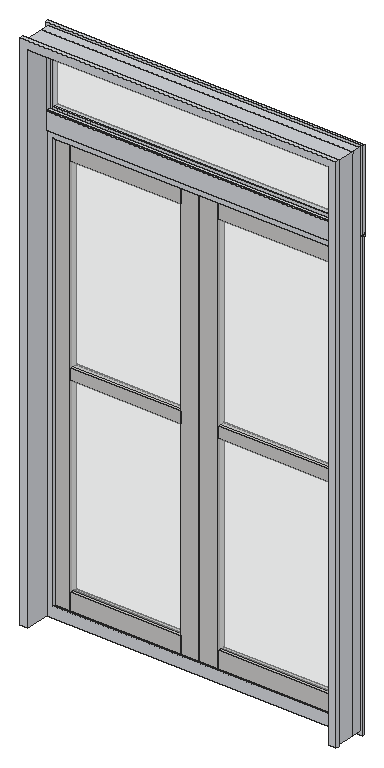
Revit family "APL Residential Thermal Heart French Door with Overlight Open Out", category Doors, host Wall, Revit 2017 (continued)
Definition of nested family "APL Residential Thermal Heart French Door with Overlight Open Out Vertical Section"
  Definition of nested family "Open Out Head&Sill"
    Definition of nested family "65200_Rail"
      Lines and regions (mm)
        model lines, in view "Ref. Level"
          curve 120: arc (44.116, 15.102, 0) -> (44.482, 15.579, 0) -> (45.055, 15.76, 0) r 1
          curve 121: arc (45.978, 15.76, 0) -> (46.289, 15.801, 0) -> (46.579, 15.921, 0) r 1.2
          curve 122: arc (48.107, 16.806, 0) -> (48.204, 16.846, 0) -> (48.307, 16.86, 0) r 0.4
          curve 123: arc (48.6, 16.86, 0) -> (48.883, 16.743, 0) -> (49, 16.46, 0) r 0.4
          curve 124: arc (49, 13.06, 0) -> (48.883, 12.777, 0) -> (48.6, 12.66, 0) r 0.4
          curve 125: arc (48.307, 12.66, 0) -> (48.204, 12.674, 0) -> (48.107, 12.714, 0) r 0.4
          curve 126: arc (46.579, 13.599, 0) -> (46.285, 13.72, 0) -> (45.97, 13.76, 0) r 1.2
          curve 127: arc (45.97, 13.76, 0) -> (45.795, 13.707, 0) -> (45.684, 13.563, 0) r 0.3
          curve 128: arc (44.796, 11.123, 0) -> (44.649, 10.932, 0) -> (44.42, 10.86, 0) r 0.4
          curve 129: arc (34.98, 10.86, 0) -> (34.751, 10.932, 0) -> (34.604, 11.123, 0) r 0.4
          curve 130: arc (33.716, 13.563, 0) -> (33.605, 13.707, 0) -> (33.43, 13.76, 0) r 0.3
          curve 131: arc (33.43, 13.76, 0) -> (33.115, 13.72, 0) -> (32.821, 13.599, 0) r 1.2
          curve 132: arc (31.293, 12.714, 0) -> (31.196, 12.674, 0) -> (31.093, 12.66, 0) r 0.4
          curve 133: arc (30.8, 12.66, 0) -> (30.517, 12.777, 0) -> (30.4, 13.06, 0) r 0.4
          curve 134: line (30.8, 16.86, 0) -> (31.093, 16.86, 0)
          curve 135: line (31.293, 16.806, 0) -> (32.821, 15.921, 0)
          curve 136: line (33.422, 15.76, 0) -> (34.345, 15.76, 0)
          curve 137: line (35.284, 15.102, 0) -> (36.077, 12.923, 0)
          curve 138: line (36.453, 12.66, 0) -> (42.947, 12.66, 0)
          curve 139: line (43.323, 12.923, 0) -> (44.116, 15.102, 0)
          curve 140: line (45.055, 15.76, 0) -> (45.978, 15.76, 0)
          curve 141: line (46.579, 15.921, 0) -> (48.107, 16.806, 0)
          curve 142: line (48.307, 16.86, 0) -> (48.6, 16.86, 0)
          curve 143: line (49, 16.46, 0) -> (49, 13.06, 0)
          curve 144: line (48.6, 12.66, 0) -> (48.307, 12.66, 0)
          curve 145: line (48.107, 12.714, 0) -> (46.579, 13.599, 0)
          curve 146: line (45.684, 13.563, 0) -> (44.796, 11.123, 0)
          curve 147: line (44.42, 10.86, 0) -> (34.98, 10.86, 0)
          curve 148: line (34.604, 11.123, 0) -> (33.716, 13.563, 0)
          curve 149: line (32.821, 13.599, 0) -> (31.293, 12.714, 0)
          curve 150: line (31.093, 12.66, 0) -> (30.8, 12.66, 0)
          curve 151: line (30.4, 13.06, 0) -> (30.4, 16.46, 0)
          curve 152: arc (24.4, 72.4, 0) -> (24.517, 72.117, 0) -> (24.8, 72, 0) r 0.4
          curve 153: arc (25.093, 72, 0) -> (25.196, 72.014, 0) -> (25.293, 72.054, 0) r 0.4
          curve 154: arc (26.821, 72.939, 0) -> (27.111, 73.059, 0) -> (27.422, 73.1, 0) r 1.2
          curve 155: arc (28.345, 73.1, 0) -> (28.918, 73.281, 0) -> (29.284, 73.758, 0) r 1
          curve 156: arc (30.077, 75.937, 0) -> (30.224, 76.128, 0) -> (30.453, 76.2, 0) r 0.4
          curve 157: arc (36.947, 76.2, 0) -> (37.176, 76.128, 0) -> (37.323, 75.937, 0) r 0.4
          curve 158: arc (38.116, 73.758, 0) -> (38.482, 73.281, 0) -> (39.055, 73.1, 0) r 1
          curve 159: arc (39.978, 73.1, 0) -> (40.289, 73.059, 0) -> (40.579, 72.939, 0) r 1.2
          curve 160: arc (42.107, 72.054, 0) -> (42.204, 72.014, 0) -> (42.307, 72, 0) r 0.4
          curve 161: arc (42.6, 72, 0) -> (42.883, 72.117, 0) -> (43, 72.4, 0) r 0.4
          curve 162: arc (43, 75.8, 0) -> (42.883, 76.083, 0) -> (42.6, 76.2, 0) r 0.4
          curve 163: arc (42.307, 76.2, 0) -> (42.204, 76.186, 0) -> (42.107, 76.146, 0) r 0.4
          curve 164: arc (40.579, 75.261, 0) -> (40.285, 75.14, 0) -> (39.97, 75.1, 0) r 1.2
          curve 165: arc (39.97, 75.1, 0) -> (39.795, 75.153, 0) -> (39.684, 75.297, 0) r 0.3
          curve 166: arc (38.796, 77.737, 0) -> (38.649, 77.928, 0) -> (38.42, 78, 0) r 0.4
          curve 167: arc (28.98, 78, 0) -> (28.751, 77.928, 0) -> (28.604, 77.737, 0) r 0.4
          curve 168: arc (27.716, 75.297, 0) -> (27.605, 75.153, 0) -> (27.43, 75.1, 0) r 0.3
          curve 169: arc (27.43, 75.1, 0) -> (27.115, 75.14, 0) -> (26.821, 75.261, 0) r 1.2
          curve 170: arc (25.293, 76.146, 0) -> (25.196, 76.186, 0) -> (25.093, 76.2, 0) r 0.4
          curve 171: arc (24.8, 76.2, 0) -> (24.517, 76.083, 0) -> (24.4, 75.8, 0) r 0.4
          curve 172: line (24.8, 72, 0) -> (25.093, 72, 0)
          curve 173: line (25.293, 72.054, 0) -> (26.821, 72.939, 0)
          curve 174: line (27.422, 73.1, 0) -> (28.345, 73.1, 0)
          curve 175: line (29.284, 73.758, 0) -> (30.077, 75.937, 0)
          curve 176: line (30.453, 76.2, 0) -> (36.947, 76.2, 0)
          curve 177: line (37.323, 75.937, 0) -> (38.116, 73.758, 0)
          curve 178: line (39.055, 73.1, 0) -> (39.978, 73.1, 0)
          curve 179: line (40.579, 72.939, 0) -> (42.107, 72.054, 0)
          curve 180: line (42.307, 72, 0) -> (42.6, 72, 0)
          curve 181: line (43, 72.4, 0) -> (43, 75.8, 0)
          curve 182: line (42.6, 76.2, 0) -> (42.307, 76.2, 0)
          curve 183: line (42.107, 76.146, 0) -> (40.579, 75.261, 0)
          curve 184: line (39.684, 75.297, 0) -> (38.796, 77.737, 0)
          curve 185: line (38.42, 78, 0) -> (28.98, 78, 0)
          curve 186: line (28.604, 77.737, 0) -> (27.716, 75.297, 0)
          curve 187: line (26.821, 75.261, 0) -> (25.293, 76.146, 0)
          curve 188: line (25.093, 76.2, 0) -> (24.8, 76.2, 0)
          curve 189: line (24.4, 75.8, 0) -> (24.4, 72.4, 0)
          curve 190: arc (44.4, 69.6, 0) -> (44.754, 69.746, 0) -> (44.9, 70.1, 0) r 0.5
          curve 191: arc (44.9, 76.091, 0) -> (44.955, 76.318, 0) -> (45.108, 76.496, 0) r 0.5
          curve 192: arc (45.108, 76.496, 0) -> (45.336, 76.687, 0) -> (45.535, 76.908, 0) r 2.1
          curve 193: arc (45.535, 76.908, 0) -> (45.71, 77.049, 0) -> (45.929, 77.1, 0) r 0.5
          curve 194: arc (49, 77.1, 0) -> (49.354, 76.954, 0) -> (49.5, 76.6, 0) r 0.5
          curve 195: arc (49.5, 23.4, 0) -> (49.354, 23.046, 0) -> (49, 22.9, 0) r 0.5
          curve 196: arc (44.8, 22.9, 0) -> (44.659, 22.841, 0) -> (44.6, 22.7, 0) r 0.2
          curve 197: arc (44.6, 21.1, 0) -> (44.659, 20.959, 0) -> (44.8, 20.9, 0) r 0.2
          curve 198: arc (49.295, 20.9, 0) -> (49.436, 20.841, 0) -> (49.495, 20.7, 0) r 0.2
          curve 199: arc (49.495, 19.46, 0) -> (49.436, 19.319, 0) -> (49.295, 19.26, 0) r 0.2
          curve 200: arc (47.809, 19.26, 0) -> (47.674, 19.241, 0) -> (47.549, 19.187, 0) r 0.5
          curve 201: arc (46.979, 18.839, 0) -> (46.628, 18.475, 0) -> (46.5, 17.986, 0) r 1
          curve 202: arc (46.5, 16.41, 0) -> (46.628, 16.192, 0) -> (46.88, 16.197, 0) r 0.25
          curve 203: arc (46.966, 16.249, 0) -> (47.072, 16.381, 0) -> (47.069, 16.551, 0) r 0.25
          curve 204: arc (48.323, 17.316, 0) -> (48.398, 17.349, 0) -> (48.479, 17.36, 0) r 0.3
          curve 205: arc (49, 17.36, 0) -> (49.158, 17.282, 0) -> (49.194, 17.11, 0) r 0.2
          curve 206: arc (49, 13.107, 0) -> (49.026, 12.985, 0) -> (49.1, 12.884, 0) r 0.3
          curve 207: arc (49.1, 12.884, 0) -> (49.18, 12.553, 0) -> (48.9, 12.36, 0) r 0.3
          curve 208: arc (46.679, 12.903, 0) -> (46.59, 12.955, 0) -> (46.538, 13.044, 0) r 0.2
          curve 209: arc (46.493, 13.212, 0) -> (46.352, 13.353, 0) -> (46.159, 13.301, 0) r 0.2
          curve 210: arc (45.795, 12.938, 0) -> (45.735, 12.852, 0) -> (45.708, 12.752, 0) r 0.3
          curve 211: arc (45.501, 10.386, 0) -> (45.617, 10.122, 0) -> (45.903, 10.078, 0) r 0.3
          curve 212: arc (47.313, 10.592, 0) -> (47.439, 10.679, 0) -> (47.505, 10.817, 0) r 0.3
          curve 213: arc (47.505, 10.817, 0) -> (47.778, 11.059, 0) -> (48.083, 10.86, 0) r 0.3
          curve 214: arc (49.4, 10.86, 0) -> (49.754, 10.714, 0) -> (49.9, 10.36, 0) r 0.5
          curve 215: arc (49.9, 0.5, 0) -> (50.046, 0.146, 0) -> (50.4, 0, 0) r 0.5
          curve 216: arc (50.9, 0, 0) -> (51.254, 0.146, 0) -> (51.4, 0.5, 0) r 0.5
          curve 217: arc (51.4, 96.5, 0) -> (51.254, 96.854, 0) -> (50.9, 97, 0) r 0.5
          curve 218: arc (43, 97, 0) -> (42.646, 96.854, 0) -> (42.5, 96.5, 0) r 0.5
          curve 219: arc (42.5, 95.25, 0) -> (43, 94.75, 0) -> (43.5, 95.25, 0) r 0.5
          curve 220: arc (43.5, 95.8, 0) -> (43.559, 95.941, 0) -> (43.7, 96, 0) r 0.2
          curve 221: arc (44.8, 96, 0) -> (44.941, 95.941, 0) -> (45, 95.8, 0) r 0.2
          curve 222: arc (45, 90.7, 0) -> (44.941, 90.559, 0) -> (44.8, 90.5, 0) r 0.2
          curve 223: arc (43.7, 90.5, 0) -> (43.559, 90.559, 0) -> (43.5, 90.7, 0) r 0.2
          curve 224: arc (43.5, 91.25, 0) -> (43, 91.75, 0) -> (42.5, 91.25, 0) r 0.5
          curve 225: arc (42.5, 89.7, 0) -> (42.559, 89.559, 0) -> (42.7, 89.5, 0) r 0.2
          curve 226: arc (46.3, 89.5, 0) -> (46.441, 89.559, 0) -> (46.5, 89.7, 0) r 0.2
          curve 227: arc (46.5, 95, 0) -> (46.646, 95.354, 0) -> (47, 95.5, 0) r 0.5
          curve 228: arc (49, 95.5, 0) -> (49.354, 95.354, 0) -> (49.5, 95, 0) r 0.5
          curve 229: arc (49.5, 79.5, 0) -> (49.354, 79.146, 0) -> (49, 79, 0) r 0.5
          curve 230: arc (44.88, 79, 0) -> (44.739, 78.941, 0) -> (44.68, 78.8, 0) r 0.2
          curve 231: arc (44.68, 78.2, 0) -> (44.621, 78.059, 0) -> (44.48, 78, 0) r 0.2
          curve 232: arc (42.083, 78, 0) -> (41.778, 77.801, 0) -> (41.505, 78.043, 0) r 0.3
          curve 233: arc (41.505, 78.043, 0) -> (41.439, 78.181, 0) -> (41.313, 78.268, 0) r 0.3
          curve 234: arc (39.903, 78.782, 0) -> (39.617, 78.738, 0) -> (39.501, 78.474, 0) r 0.3
          curve 235: arc (39.708, 76.108, 0) -> (39.735, 76.008, 0) -> (39.795, 75.922, 0) r 0.3
          curve 236: arc (40.159, 75.559, 0) -> (40.352, 75.507, 0) -> (40.493, 75.648, 0) r 0.2
          curve 237: arc (40.538, 75.816, 0) -> (40.59, 75.905, 0) -> (40.679, 75.957, 0) r 0.2
          curve 238: arc (42.9, 76.5, 0) -> (43.18, 76.307, 0) -> (43.1, 75.976, 0) r 0.3
          curve 239: arc (43.1, 75.976, 0) -> (43.026, 75.875, 0) -> (43, 75.753, 0) r 0.3
          curve 240: arc (43.194, 71.75, 0) -> (43.158, 71.578, 0) -> (43, 71.5, 0) r 0.2
          curve 241: arc (42.479, 71.5, 0) -> (42.398, 71.511, 0) -> (42.323, 71.544, 0) r 0.3
          curve 242: arc (41.069, 72.309, 0) -> (41.072, 72.479, 0) -> (40.966, 72.611, 0) r 0.25
          curve 243: arc (40.88, 72.663, 0) -> (40.628, 72.668, 0) -> (40.5, 72.45, 0) r 0.25
          curve 244: arc (40.5, 70.874, 0) -> (40.628, 70.385, 0) -> (40.979, 70.021, 0) r 1
          curve 245: arc (41.549, 69.673, 0) -> (41.674, 69.619, 0) -> (41.809, 69.6, 0) r 0.5
          curve 246: line (44.9, 70.1, 0) -> (44.9, 76.091, 0)
          curve 247: line (45.929, 77.1, 0) -> (49, 77.1, 0)
          curve 248: line (49.5, 76.6, 0) -> (49.5, 23.4, 0)
          curve 249: line (49, 22.9, 0) -> (44.8, 22.9, 0)
          curve 250: line (44.6, 22.7, 0) -> (44.6, 21.1, 0)
          curve 251: line (44.8, 20.9, 0) -> (49.295, 20.9, 0)
          curve 252: line (49.495, 20.7, 0) -> (49.495, 19.46, 0)
          curve 253: line (49.295, 19.26, 0) -> (47.809, 19.26, 0)
          curve 254: line (47.549, 19.187, 0) -> (46.979, 18.839, 0)
          curve 255: line (46.5, 17.986, 0) -> (46.5, 16.41, 0)
          curve 256: line (47.069, 16.551, 0) -> (48.323, 17.316, 0)
          curve 257: line (48.323, 17.316, 0) -> (49, 17.36, 0)
          curve 258: line (49.194, 17.11, 0) -> (49.006, 16.385, 0)
          curve 259: line (49.006, 16.385, 0) -> (49, 13.107, 0)
          curve 260: line (48.746, 12.36, 0) -> (46.679, 12.903, 0)
          curve 261: line (46.679, 12.903, 0) -> (46.493, 13.212, 0)
          curve 262: line (46.159, 13.301, 0) -> (45.795, 12.938, 0)
          curve 263: line (45.708, 12.752, 0) -> (45.501, 10.386, 0)
          curve 264: line (45.903, 10.078, 0) -> (47.313, 10.592, 0)
          curve 265: line (48.083, 10.86, 0) -> (49.4, 10.86, 0)
          curve 266: line (49.9, 10.36, 0) -> (49.9, 0.5, 0)
          curve 267: line (50.4, 0, 0) -> (50.9, 0, 0)
          curve 268: line (51.4, 0.5, 0) -> (51.4, 96.5, 0)
          curve 269: line (43, 97, 0) -> (50.9, 97, 0)
          curve 270: line (50.9, 97, 0) -> (43, 97, 0)
          curve 271: line (42.5, 96.5, 0) -> (42.5, 95.25, 0)
          curve 272: line (43.5, 95.25, 0) -> (43.5, 95.8, 0)
          curve 273: line (43.7, 96, 0) -> (44.8, 96, 0)
          curve 274: line (45, 95.8, 0) -> (45, 90.7, 0)
          curve 275: line (44.8, 90.5, 0) -> (43.7, 90.5, 0)
          curve 276: line (43.5, 90.7, 0) -> (43.5, 91.25, 0)
          curve 277: line (42.5, 91.25, 0) -> (42.5, 89.7, 0)
          curve 278: line (42.7, 89.5, 0) -> (46.3, 89.5, 0)
          curve 279: line (46.5, 89.7, 0) -> (46.5, 95, 0)
          curve 280: line (47, 95.5, 0) -> (49, 95.5, 0)
          curve 281: line (49.5, 95, 0) -> (49.5, 79.5, 0)
          curve 282: line (49, 79, 0) -> (44.88, 79, 0)
          curve 283: line (44.68, 78.8, 0) -> (44.68, 78.2, 0)
          curve 284: line (44.48, 78, 0) -> (42.083, 78, 0)
          curve 285: line (41.313, 78.268, 0) -> (39.903, 78.782, 0)
          curve 286: line (39.501, 78.474, 0) -> (39.708, 76.108, 0)
          curve 287: line (39.795, 75.922, 0) -> (40.159, 75.559, 0)
          curve 288: line (40.493, 75.648, 0) -> (40.538, 75.816, 0)
          curve 289: line (40.538, 75.816, 0) -> (42.668, 76.49, 0)
          curve 290: line (42.668, 76.49, 0) -> (42.9, 76.5, 0)
          curve 291: line (43, 75.753, 0) -> (43, 72.525, 0)
          curve 292: line (43, 72.525, 0) -> (43.194, 71.75, 0)
          curve 293: line (43, 71.5, 0) -> (42.479, 71.5, 0)
          curve 294: line (42.479, 71.5, 0) -> (41.069, 72.309, 0)
          curve 295: line (40.5, 72.45, 0) -> (40.5, 70.874, 0)
          curve 296: line (40.979, 70.021, 0) -> (41.549, 69.673, 0)
          curve 297: line (41.809, 69.6, 0) -> (44.4, 69.6, 0)
      Text (mm)
        text "65200" at (8.462, 126.741, 0), in view "Ref. Level"
  Definition of nested family "Glazing Bead"
    Parameters (values of type "Glazing Bead")
      Glass Lenght [instance] = 50 mm
    Reference planes
      plane 1 "Center (Front/Back)": y = 0
      plane 2: z = 0
      plane 3 "Center (Left/Right)": x = 0
      plane 4: y = -50
    Lines and regions (mm)
      Filled region 1, type "Solid Fill - Black", in view "Ref. Level"
        outline origin (0, 0, 0) x (1, 0, 0) y (0, 1, 0)
          loop
            line (4, 0) -> (4, -12) -> (20, -12) -> (20, 0) -> (4, 0)
      model lines, in view "Ref. Level"
        curve 1: line (4, -12, 0) -> (20, -12, 0)
        curve 2: line (0, -50, 0) -> (0, 0, 0)
        curve 3: line (0, 0, 0) -> (24, 0, 0)
        curve 4: line (24, 0, 0) -> (24, -50, 0)
        curve 5: line (20, 0, 0) -> (20, -50, 0)
        curve 6: line (4, 0, 0) -> (4, -50, 0)
      detail lines, in view "Ref. Level"
        curve 7: arc (-0.25, -4.9, 0) -> (0, -5.15, 0) -> (-0.25, -5.4, 0) r 0.25
        curve 8: arc (-0.25, -8.45, 0) -> (0, -8.7, 0) -> (-0.25, -8.95, 0) r 0.25
        curve 9: arc (-0.25, -9.619, 0) -> (0, -9.869, 0) -> (-0.25, -10.119, 0) r 0.25
        curve 10: arc (-0.25, -10.787, 0) -> (0, -11.037, 0) -> (-0.25, -11.287, 0) r 0.25
        curve 11: line (-0.25, -12.456, 0) -> (-1, -12.456, 0)
        curve 12: line (-1, -12.456, 0) -> (-1, -8.45, 0)
        curve 13: line (-1, -8.45, 0) -> (-2.2, -8.45, 0)
        curve 14: line (-2.2, -8.45, 0) -> (-2.2, -9.2, 0)
        curve 15: line (-2.2, -9.2, 0) -> (-2.8, -9.2, 0)
        curve 16: line (-2.8, -9.2, 0) -> (-2.8, -6.1, 0)
        curve 17: line (-2.8, -6.1, 0) -> (-2.2, -6.1, 0)
        curve 18: line (-2.2, -6.1, 0) -> (-2.2, -6.85, 0)
        curve 19: line (-2.2, -6.85, 0) -> (-1, -6.85, 0)
        curve 20: line (-1, -6.85, 0) -> (-1, -4.9, 0)
        curve 21: line (-1, -4.9, 0) -> (-0.25, -4.9, 0)
        curve 22: line (-0.25, -5.4, 0) -> (-0.25, -8.45, 0)
        curve 23: line (-0.25, -8.95, 0) -> (-0.25, -9.619, 0)
        curve 24: line (-0.25, -10.119, 0) -> (-0.25, -10.787, 0)
        curve 25: line (-0.25, -11.287, 0) -> (-0.25, -11.956, 0)
        curve 26: arc (-0.25, -11.956, 0) -> (0, -12.206, 0) -> (-0.25, -12.456, 0) r 0.25
        curve 27: arc (-0.25, -4.9, 0) -> (0, -5.15, 0) -> (-0.25, -5.4, 0) r 0.25
        curve 28: arc (-0.25, -8.45, 0) -> (0, -8.7, 0) -> (-0.25, -8.95, 0) r 0.25
        curve 29: arc (-0.25, -9.619, 0) -> (0, -9.869, 0) -> (-0.25, -10.119, 0) r 0.25
        curve 30: arc (-0.25, -10.787, 0) -> (0, -11.037, 0) -> (-0.25, -11.287, 0) r 0.25
        curve 31: line (-0.25, -12.456, 0) -> (-1, -12.456, 0)
        curve 32: line (-1, -12.456, 0) -> (-1, -8.45, 0)
        curve 33: line (-1, -8.45, 0) -> (-2.2, -8.45, 0)
        curve 34: line (-2.2, -8.45, 0) -> (-2.2, -9.2, 0)
        curve 35: line (-2.2, -9.2, 0) -> (-2.8, -9.2, 0)
        curve 36: line (-2.8, -9.2, 0) -> (-2.8, -6.1, 0)
        curve 37: line (-2.8, -6.1, 0) -> (-2.2, -6.1, 0)
        curve 38: line (-2.2, -6.1, 0) -> (-2.2, -6.85, 0)
        curve 39: line (-2.2, -6.85, 0) -> (-1, -6.85, 0)
        curve 40: line (-1, -6.85, 0) -> (-1, -4.9, 0)
        curve 41: line (-1, -4.9, 0) -> (-0.25, -4.9, 0)
        curve 42: line (-0.25, -5.4, 0) -> (-0.25, -8.45, 0)
        curve 43: line (-0.25, -8.95, 0) -> (-0.25, -9.619, 0)
        curve 44: line (-0.25, -10.119, 0) -> (-0.25, -10.787, 0)
        curve 45: line (-0.25, -11.287, 0) -> (-0.25, -11.956, 0)
        curve 46: arc (-0.25, -11.956, 0) -> (0, -12.206, 0) -> (-0.25, -12.456, 0) r 0.25
        curve 47: arc (62.983, -3.041, 0) -> (62.673, -2.901, 0) -> (62.511, -3.2, 0) r 0.25
        curve 48: arc (62.537, -13.088, 0) -> (62.7, -13.387, 0) -> (63.01, -13.247, 0) r 0.25
        curve 49: line (62.511, -3.2, 0) -> (63.505, -7.068, 0)
        curve 50: line (63.505, -7.068, 0) -> (62.502, -7.647, 0)
        curve 51: line (62.502, -7.647, 0) -> (62.502, -8.647, 0)
        curve 52: line (62.502, -8.647, 0) -> (63.527, -9.239, 0)
        curve 53: line (63.527, -9.239, 0) -> (62.537, -13.088, 0)
        curve 54: line (63.01, -13.247, 0) -> (64.734, -9.147, 0)
        curve 55: line (64.734, -9.147, 0) -> (66.002, -9.147, 0)
        curve 56: line (66.002, -9.147, 0) -> (66.002, -10.397, 0)
        curve 57: line (66.002, -10.397, 0) -> (67.002, -10.397, 0)
        curve 58: line (67.002, -10.397, 0) -> (67.002, -5.897, 0)
        curve 59: line (67.002, -5.897, 0) -> (66.002, -5.897, 0)
        curve 60: line (66.002, -5.897, 0) -> (66.002, -7.147, 0)
        curve 61: line (66.002, -7.147, 0) -> (64.71, -7.147, 0)
        curve 62: line (64.71, -7.147, 0) -> (62.983, -3.041, 0)
    Dimensions and locks
      "Glass Lenght": plane 1 "Center (Front/Back)" to plane 4
      aligned and locked: plane 4 to curve 2
      aligned and locked: plane 1 "Center (Front/Back)" to Filled region 1 sketch curve
      aligned and locked: Filled region 1 sketch curve to curve 6
      aligned and locked: Filled region 1 sketch curve to curve 1
      aligned and locked: Filled region 1 sketch curve to curve 5
    Automatic sketch dimensions
      plane 1 "Center (Front/Back)" to curve 2 = 0 mm
      curve 2 to plane 3 "Center (Left/Right)" = 0 mm
      curve 6 to plane 4 = 0 mm
      curve 5 to plane 4 = 0 mm
      curve 4 to plane 4 = 0 mm
      curve 5 to curve 3 = 4 mm
      plane 3 "Center (Left/Right)" to curve 1 = 4 mm
      curve 6 to curve 5 = 16 mm
      plane 1 "Center (Front/Back)" to curve 1 = 12 mm
    Nested families
      nested 1: "65015_Bead" at (-15.5, 6.328, 0), type "", in view "Ref. Level"
    Definition of nested family "65015_Bead"
      Reference planes
        plane 1 "Center (Front/Back)": y = 0
        plane 2: z = 0
        plane 3 "Center (Left/Right)": x = 0
      Lines and regions (mm)
        model lines, in view "Ref. Level"
          curve 1: arc (13.5, 12.78, 0) -> (13.558, 12.92, 0) -> (13.698, 12.978, 0) r 0.198
          curve 2: arc (14.302, 12.978, 0) -> (14.442, 12.918, 0) -> (14.5, 12.777, 0) r 0.201
          curve 3: arc (14.5, 10.175, 0) -> (14.442, 10.036, 0) -> (14.302, 9.978, 0) r 0.198
          curve 4: arc (13.698, 9.978, 0) -> (13.558, 10.036, 0) -> (13.5, 10.175, 0) r 0.198
          curve 5: arc (13.5, 11.027, 0) -> (13.442, 11.169, 0) -> (13.3, 11.228, 0) r 0.2
          curve 6: arc (12.7, 11.228, 0) -> (11.851, 11.579, 0) -> (11.5, 12.428, 0) r 1.2
          curve 7: arc (11.5, 13.628, 0) -> (11.377, 13.813, 0) -> (11.159, 13.769, 0) r 0.2
          curve 8: arc (1.546, 4.157, 0) -> (1.438, 3.995, 0) -> (1.4, 3.804, 0) r 0.5
          curve 9: arc (1.4, 1.817, 0) -> (1.467, 1.567, 0) -> (1.65, 1.384, 0) r 0.5
          curve 10: arc (10.675, -3.827, 0) -> (10.913, -4.714, 0) -> (10.025, -4.952, 0) r 0.65
          curve 11: arc (3.306, -1.073, 0) -> (2.928, -1.023, 0) -> (2.624, -1.254, 0) r 0.5
          curve 12: arc (2.587, -2.129, 0) -> (2.248, -2.45, 0) -> (1.791, -2.352, 0) r 0.5
          curve 13: arc (1.518, -2.123, 0) -> (1.466, -2.054, 0) -> (1.447, -1.97, 0) r 0.2
          curve 14: arc (1.447, -1.115, 0) -> (1.476, -1.011, 0) -> (1.555, -0.938, 0) r 0.2
          curve 15: arc (1.555, -0.938, 0) -> (1.717, -0.809, 0) -> (1.82, -0.63, 0) r 0.55
          curve 16: arc (1.82, -0.63, 0) -> (1.825, -0.452, 0) -> (1.729, -0.302, 0) r 0.3
          curve 17: arc (0.2, 0, 0) -> (0.059, 0.059, 0) -> (0, 0.2, 0) r 0.2
          curve 18: arc (0, 4.383, 0) -> (0.038, 4.575, 0) -> (0.146, 4.737, 0) r 0.5
          curve 19: arc (14.159, 18.749, 0) -> (14.377, 18.792, 0) -> (14.5, 18.608, 0) r 0.2
          curve 20: arc (14.5, 15.172, 0) -> (14.442, 15.034, 0) -> (14.303, 14.978, 0) r 0.194
          curve 21: arc (13.698, 14.978, 0) -> (13.559, 15.038, 0) -> (13.5, 15.177, 0) r 0.203
          curve 22: arc (13.5, 15.528, 0) -> (13.441, 15.669, 0) -> (13.3, 15.728, 0) r 0.201
          curve 23: arc (12.7, 15.728, 0) -> (12.559, 15.669, 0) -> (12.5, 15.528, 0) r 0.2
          curve 24: arc (12.5, 12.428, 0) -> (12.559, 12.286, 0) -> (12.7, 12.228, 0) r 0.2
          curve 25: line (13.5, 12.428, 0) -> (13.5, 12.78, 0)
          curve 26: line (13.698, 12.978, 0) -> (14.302, 12.978, 0)
          curve 27: line (14.5, 12.777, 0) -> (14.5, 10.175, 0)
          curve 28: line (14.302, 9.978, 0) -> (13.698, 9.978, 0)
          curve 29: line (13.5, 10.175, 0) -> (13.5, 11.027, 0)
          curve 30: line (13.3, 11.228, 0) -> (12.7, 11.228, 0)
          curve 31: line (11.5, 12.428, 0) -> (11.5, 13.628, 0)
          curve 32: line (11.159, 13.769, 0) -> (1.546, 4.157, 0)
          curve 33: line (1.4, 3.804, 0) -> (1.4, 1.817, 0)
          curve 34: line (1.65, 1.384, 0) -> (10.675, -3.827, 0)
          curve 35: line (10.025, -4.952, 0) -> (3.306, -1.073, 0)
          curve 36: line (2.597, -1.355, 0) -> (2.597, -2.065, 0)
          curve 37: line (1.791, -2.352, 0) -> (1.518, -2.123, 0)
          curve 38: line (1.518, -2.123, 0) -> (1.447, -1.115, 0)
          curve 39: line (1.729, -0.302, 0) -> (1.425, -0.047, 0)
          curve 40: line (1.425, -0.047, 0) -> (0.2, 0, 0)
          curve 41: line (0, 0.2, 0) -> (0, 4.383, 0)
          curve 42: line (0.146, 4.737, 0) -> (14.159, 18.749, 0)
          curve 43: line (14.5, 18.608, 0) -> (14.5, 15.172, 0)
          curve 44: line (14.303, 14.978, 0) -> (13.698, 14.978, 0)
          curve 45: line (13.5, 15.177, 0) -> (13.5, 15.528, 0)
          curve 46: line (13.3, 15.728, 0) -> (12.7, 15.728, 0)
          curve 47: line (12.5, 15.528, 0) -> (12.5, 12.428, 0)
          curve 48: line (12.7, 12.228, 0) -> (13.3, 12.228, 0)
          curve 49: arc (13.3, 12.228, 0) -> (13.441, 12.286, 0) -> (13.5, 12.428, 0) r 0.2
      Text (mm)
        text "65015" at (32.01, 10.207, 0), in view "Ref. Level"
  Definition of nested family "Overlight Open Out Detail"
    Types (2): name
      Open Out Head&Sill
      Sill
    Reference planes
      plane 1 "Center (Front/Back)": y = 0
      plane 2: z = 0
      plane 3 "Center (Left/Right)": x = 0
    Lines and regions (mm)
      detail lines, in view "Ref. Level"
        curve 1: arc (27.921, 135.423, 0) -> (27.611, 135.563, 0) -> (27.449, 135.264, 0) r 0.25
        curve 2: arc (27.475, 125.376, 0) -> (27.637, 125.077, 0) -> (27.948, 125.217, 0) r 0.25
        curve 3: line (27.449, 135.264, 0) -> (28.443, 131.396, 0)
        curve 4: line (28.443, 131.396, 0) -> (27.439, 130.817, 0)
        curve 5: line (27.439, 130.817, 0) -> (27.439, 129.817, 0)
        curve 6: line (27.439, 129.817, 0) -> (28.465, 129.225, 0)
        curve 7: line (28.465, 129.225, 0) -> (27.475, 125.376, 0)
        curve 8: line (27.948, 125.217, 0) -> (29.672, 129.317, 0)
        curve 9: line (29.672, 129.317, 0) -> (30.939, 129.317, 0)
        curve 10: line (30.939, 129.317, 0) -> (30.939, 128.067, 0)
        curve 11: line (30.939, 128.067, 0) -> (31.939, 128.067, 0)
        curve 12: line (31.939, 128.067, 0) -> (31.939, 132.567, 0)
        curve 13: line (31.939, 132.567, 0) -> (30.939, 132.567, 0)
        curve 14: line (30.939, 132.567, 0) -> (30.939, 131.317, 0)
        curve 15: line (30.939, 131.317, 0) -> (29.647, 131.317, 0)
        curve 16: line (29.647, 131.317, 0) -> (27.921, 135.423, 0)
        curve 17: arc (43.239, 46.459, 0) -> (43.098, 46.401, 0) -> (43.039, 46.259, 0) r 0.2
        curve 18: arc (43.039, 43.539, 0) -> (42.981, 43.398, 0) -> (42.839, 43.339, 0) r 0.2
        curve 19: arc (41.739, 43.339, 0) -> (41.032, 43.632, 0) -> (40.739, 44.339, 0) r 1
        curve 20: arc (40.304, 42.421, 0) -> (39.422, 41.539, 0) -> (38.539, 42.421, 0) r 0.882
        curve 21: arc (38.539, 44.651, 0) -> (38.545, 44.752, 0) -> (38.56, 44.852, 0) r 1
        curve 22: arc (39.401, 48.942, 0) -> (39.95, 49.665, 0) -> (40.814, 49.939, 0) r 1.5
        curve 23: arc (42.039, 49.939, 0) -> (42.747, 49.646, 0) -> (43.039, 48.939, 0) r 1
        curve 24: arc (47.988, 48.439, 0) -> (48.168, 48.327, 0) -> (48.146, 48.116, 0) r 0.2
        curve 25: arc (46.796, 45.416, 0) -> (46.657, 45.31, 0) -> (46.487, 45.354, 0) r 0.2
        curve 26: line (43.039, 46.259, 0) -> (43.039, 43.539, 0)
        curve 27: line (42.839, 43.339, 0) -> (42.439, 43.339, 0)
        curve 28: line (42.439, 43.339, 0) -> (41.739, 43.339, 0)
        curve 29: line (40.739, 44.339, 0) -> (40.739, 47.344, 0)
        curve 30: line (40.739, 47.344, 0) -> (40.312, 44.702, 0)
        curve 31: line (40.312, 44.702, 0) -> (40.304, 42.421, 0)
        curve 32: line (38.539, 42.421, 0) -> (38.539, 44.651, 0)
        curve 33: line (38.56, 44.852, 0) -> (39.401, 48.942, 0)
        curve 34: line (40.944, 49.939, 0) -> (42.039, 49.939, 0)
        curve 35: line (43.039, 48.939, 0) -> (43.039, 48.439, 0)
        curve 36: line (43.039, 48.439, 0) -> (47.988, 48.439, 0)
        curve 37: line (48.146, 48.116, 0) -> (46.796, 45.416, 0)
        curve 38: line (46.487, 45.354, 0) -> (45.203, 46.459, 0)
        curve 39: arc (45.203, 46.459, 0) -> (44.221, 46.592, 0) -> (43.239, 46.459, 0) r 3.701
        curve 40: arc (48.146, 48.116, 0) -> (48.168, 48.327, 0) -> (47.988, 48.439, 0) r 0.2
        curve 41: arc (10.368, -160.165, 0) -> (10.058, -160.305, 0) -> (9.896, -160.006, 0) r 0.25
        curve 42: arc (9.922, -150.118, 0) -> (10.084, -149.819, 0) -> (10.395, -149.959, 0) r 0.25
        curve 43: line (9.896, -160.006, 0) -> (10.89, -156.139, 0)
        curve 44: line (10.89, -156.139, 0) -> (9.886, -155.56, 0)
        curve 45: line (9.886, -155.56, 0) -> (9.886, -154.56, 0)
        curve 46: line (9.886, -154.56, 0) -> (10.912, -153.968, 0)
        curve 47: line (10.912, -153.968, 0) -> (9.922, -150.118, 0)
        curve 48: line (10.395, -149.959, 0) -> (12.119, -154.06, 0)
        curve 49: line (12.119, -154.06, 0) -> (13.386, -154.06, 0)
        curve 50: line (13.386, -154.06, 0) -> (13.386, -152.81, 0)
        curve 51: line (13.386, -152.81, 0) -> (14.386, -152.81, 0)
        curve 52: line (14.386, -152.81, 0) -> (14.386, -157.31, 0)
        curve 53: line (14.386, -157.31, 0) -> (13.386, -157.31, 0)
        curve 54: line (13.386, -157.31, 0) -> (13.386, -156.06, 0)
        curve 55: line (13.386, -156.06, 0) -> (12.094, -156.06, 0)
        curve 56: line (12.094, -156.06, 0) -> (10.368, -160.165, 0)
        curve 57: arc (25.686, -71.202, 0) -> (25.545, -71.143, 0) -> (25.486, -71.002, 0) r 0.2
        curve 58: arc (25.486, -68.282, 0) -> (25.428, -68.14, 0) -> (25.286, -68.082, 0) r 0.2
        curve 59: arc (24.186, -68.082, 0) -> (23.479, -68.374, 0) -> (23.186, -69.082, 0) r 1
        curve 60: arc (22.751, -67.164, 0) -> (21.869, -66.282, 0) -> (20.986, -67.164, 0) r 0.882
        curve 61: arc (20.986, -69.393, 0) -> (20.992, -69.495, 0) -> (21.007, -69.595, 0) r 1
        curve 62: arc (21.848, -73.685, 0) -> (22.397, -74.407, 0) -> (23.261, -74.682, 0) r 1.5
        curve 63: arc (24.486, -74.682, 0) -> (25.193, -74.389, 0) -> (25.486, -73.682, 0) r 1
        curve 64: arc (30.435, -73.182, 0) -> (30.615, -73.07, 0) -> (30.593, -72.859, 0) r 0.2
        curve 65: arc (29.243, -70.159, 0) -> (29.104, -70.052, 0) -> (28.934, -70.097, 0) r 0.2
        curve 66: line (25.486, -71.002, 0) -> (25.486, -68.282, 0)
        curve 67: line (25.286, -68.082, 0) -> (24.886, -68.082, 0)
        curve 68: line (24.886, -68.082, 0) -> (24.186, -68.082, 0)
        curve 69: line (23.186, -69.082, 0) -> (23.186, -72.086, 0)
        curve 70: line (23.186, -72.086, 0) -> (22.759, -69.445, 0)
        curve 71: line (22.759, -69.445, 0) -> (22.751, -67.164, 0)
        curve 72: line (20.986, -67.164, 0) -> (20.986, -69.393, 0)
        curve 73: line (21.007, -69.595, 0) -> (21.848, -73.685, 0)
        curve 74: line (23.391, -74.682, 0) -> (24.486, -74.682, 0)
        curve 75: line (25.486, -73.682, 0) -> (25.486, -73.182, 0)
        curve 76: line (25.486, -73.182, 0) -> (30.435, -73.182, 0)
        curve 77: line (30.593, -72.859, 0) -> (29.243, -70.159, 0)
        curve 78: line (28.934, -70.097, 0) -> (27.65, -71.202, 0)
        curve 79: arc (27.65, -71.202, 0) -> (26.668, -71.334, 0) -> (25.686, -71.202, 0) r 3.701
        curve 80: arc (30.593, -72.859, 0) -> (30.615, -73.07, 0) -> (30.435, -73.182, 0) r 0.2
        curve 81: arc (10.731, 47.817, 0) -> (10.421, 47.677, 0) -> (10.259, 47.976, 0) r 0.25
        curve 82: arc (10.285, 57.864, 0) -> (10.448, 58.163, 0) -> (10.758, 58.023, 0) r 0.25
        curve 83: line (10.259, 47.976, 0) -> (11.253, 51.843, 0)
        curve 84: line (11.253, 51.843, 0) -> (10.25, 52.423, 0)
        curve 85: line (10.25, 52.423, 0) -> (10.25, 53.423, 0)
        curve 86: line (10.25, 53.423, 0) -> (11.275, 54.014, 0)
        curve 87: line (11.275, 54.014, 0) -> (10.285, 57.864, 0)
        curve 88: line (10.758, 58.023, 0) -> (12.482, 53.923, 0)
        curve 89: line (12.482, 53.923, 0) -> (13.75, 53.923, 0)
        curve 90: line (13.75, 53.923, 0) -> (13.75, 55.173, 0)
        curve 91: line (13.75, 55.173, 0) -> (14.75, 55.173, 0)
        curve 92: line (14.75, 55.173, 0) -> (14.75, 50.673, 0)
        curve 93: line (14.75, 50.673, 0) -> (13.75, 50.673, 0)
        curve 94: line (13.75, 50.673, 0) -> (13.75, 51.923, 0)
        curve 95: line (13.75, 51.923, 0) -> (12.458, 51.923, 0)
        curve 96: line (12.458, 51.923, 0) -> (10.731, 47.817, 0)
    Dimensions and locks
      locked: nested 3 to nested 4 at 12.7
      nested 4 to nested 3 = 47.6 mm
      nested 1 to nested 3 = 47.891 mm
      nested 3 to nested 1 = 16.243 mm
    Nested families
      nested 1: "65310_Open Out Frame" at (-17.553, -21.742, 0), type "", in view "Ref. Level"
      nested 2: "65200_Rail" at (-30.414, -61.81, 0), type "", in view "Ref. Level"
      nested 3: "65190_Coupling Bar" at (-26.462, 0, 0) x (0, -1, 0) z (0, 0, 1), type "65190_Coupling Bar", in view "Ref. Level"
      nested 4: "65180_Sidelight Frame" at (11.938, 21.7, 0) x (0, 1, 0) z (0, 0, 1), type "", in view "Ref. Level"
    Definition of nested family "65310_Open Out Frame"
      Reference planes
        plane 1 "Center (Front/Back)": y = 0
        plane 2: z = 0
        plane 3 "Center (Left/Right)": x = 0
      Lines and regions (mm)
        model lines, in view "Ref. Level"
          curve 1: arc (25.4, 8.561, 0) -> (25.517, 8.844, 0) -> (25.8, 8.961, 0) r 0.4
          curve 2: arc (26.093, 8.961, 0) -> (26.196, 8.947, 0) -> (26.293, 8.907, 0) r 0.4
          curve 3: arc (27.821, 8.022, 0) -> (28.111, 7.902, 0) -> (28.422, 7.861, 0) r 1.2
          curve 4: arc (29.345, 7.861, 0) -> (29.918, 7.68, 0) -> (30.284, 7.203, 0) r 1
          curve 5: arc (31.077, 5.024, 0) -> (31.224, 4.833, 0) -> (31.453, 4.761, 0) r 0.4
          curve 6: arc (37.947, 4.761, 0) -> (38.176, 4.833, 0) -> (38.323, 5.024, 0) r 0.4
          curve 7: arc (39.116, 7.203, 0) -> (39.482, 7.68, 0) -> (40.055, 7.861, 0) r 1
          curve 8: arc (40.978, 7.861, 0) -> (41.289, 7.902, 0) -> (41.579, 8.022, 0) r 1.2
          curve 9: arc (43.107, 8.907, 0) -> (43.204, 8.947, 0) -> (43.307, 8.961, 0) r 0.4
          curve 10: arc (43.6, 8.961, 0) -> (43.883, 8.844, 0) -> (44, 8.561, 0) r 0.4
          curve 11: arc (44, 5.161, 0) -> (43.883, 4.878, 0) -> (43.6, 4.761, 0) r 0.4
          curve 12: arc (43.307, 4.761, 0) -> (43.204, 4.775, 0) -> (43.107, 4.815, 0) r 0.4
          curve 13: arc (41.579, 5.699, 0) -> (41.285, 5.821, 0) -> (40.97, 5.861, 0) r 1.2
          curve 14: arc (40.97, 5.861, 0) -> (40.795, 5.808, 0) -> (40.684, 5.664, 0) r 0.3
          curve 15: arc (39.796, 3.224, 0) -> (39.649, 3.033, 0) -> (39.42, 2.961, 0) r 0.4
          curve 16: arc (29.98, 2.961, 0) -> (29.751, 3.033, 0) -> (29.604, 3.224, 0) r 0.4
          curve 17: arc (28.716, 5.664, 0) -> (28.605, 5.808, 0) -> (28.43, 5.861, 0) r 0.3
          curve 18: arc (28.43, 5.861, 0) -> (28.115, 5.821, 0) -> (27.821, 5.699, 0) r 1.2
          curve 19: arc (26.293, 4.815, 0) -> (26.196, 4.775, 0) -> (26.093, 4.761, 0) r 0.4
          curve 20: arc (25.8, 4.761, 0) -> (25.517, 4.878, 0) -> (25.4, 5.161, 0) r 0.4
          curve 21: line (25.8, 8.961, 0) -> (26.093, 8.961, 0)
          curve 22: line (26.293, 8.907, 0) -> (27.821, 8.022, 0)
          curve 23: line (28.422, 7.861, 0) -> (29.345, 7.861, 0)
          curve 24: line (30.284, 7.203, 0) -> (31.077, 5.024, 0)
          curve 25: line (31.453, 4.761, 0) -> (37.947, 4.761, 0)
          curve 26: line (38.323, 5.024, 0) -> (39.116, 7.203, 0)
          curve 27: line (40.055, 7.861, 0) -> (40.978, 7.861, 0)
          curve 28: line (41.579, 8.022, 0) -> (43.107, 8.907, 0)
          curve 29: line (43.307, 8.961, 0) -> (43.6, 8.961, 0)
          curve 30: line (44, 8.561, 0) -> (44, 5.161, 0)
          curve 31: line (43.6, 4.761, 0) -> (43.307, 4.761, 0)
          curve 32: line (43.107, 4.815, 0) -> (41.579, 5.699, 0)
          curve 33: line (40.684, 5.664, 0) -> (39.796, 3.224, 0)
          curve 34: line (39.42, 2.961, 0) -> (29.98, 2.961, 0)
          curve 35: line (29.604, 3.224, 0) -> (28.716, 5.664, 0)
          curve 36: line (27.821, 5.699, 0) -> (26.293, 4.815, 0)
          curve 37: line (26.093, 4.761, 0) -> (25.8, 4.761, 0)
          curve 38: line (25.4, 5.161, 0) -> (25.4, 8.561, 0)
          curve 39: arc (50, 52.5, 0) -> (49.854, 52.854, 0) -> (49.5, 53, 0) r 0.5
          curve 40: arc (43.2, 53, 0) -> (43.059, 52.941, 0) -> (43, 52.8, 0) r 0.2
          curve 41: arc (43, 51.6, 0) -> (43.059, 51.459, 0) -> (43.2, 51.4, 0) r 0.2
          curve 42: arc (48.3, 51.4, 0) -> (48.441, 51.341, 0) -> (48.5, 51.2, 0) r 0.2
          curve 43: arc (48.5, 48.1, 0) -> (48.441, 47.959, 0) -> (48.3, 47.9, 0) r 0.2
          curve 44: arc (45, 48.65, 0) -> (44.846, 48.881, 0) -> (44.573, 48.827, 0) r 0.25
          curve 45: arc (43, 44.6, 0) -> (43.059, 44.459, 0) -> (43.2, 44.4, 0) r 0.2
          curve 46: arc (43.2, 44.4, 0) -> (43.766, 44.634, 0) -> (44, 45.2, 0) r 0.8
          curve 47: arc (46.4, 46, 0) -> (46.8, 45.6, 0) -> (47.2, 46, 0) r 0.4
          curve 48: arc (46.2, 33.5, 0) -> (46.054, 33.854, 0) -> (45.7, 34, 0) r 0.5
          curve 49: arc (44, 34, 0) -> (43.293, 33.707, 0) -> (43, 33, 0) r 1
          curve 50: arc (43, 32.9, 0) -> (43.088, 32.688, 0) -> (43.3, 32.6, 0) r 0.3
          curve 51: arc (44.858, 32.6, 0) -> (45.363, 31.878, 0) -> (46.2, 31.6, 0) r 1.4
          curve 52: arc (47.9, 31.6, 0) -> (48.041, 31.541, 0) -> (48.1, 31.4, 0) r 0.2
          curve 53: arc (48.1, 26.5, 0) -> (47.807, 25.793, 0) -> (47.1, 25.5, 0) r 1
          curve 54: arc (43.083, 25.5, 0) -> (42.778, 25.301, 0) -> (42.505, 25.543, 0) r 0.3
          curve 55: arc (42.505, 25.543, 0) -> (42.439, 25.681, 0) -> (42.313, 25.768, 0) r 0.3
          curve 56: arc (40.903, 26.282, 0) -> (40.617, 26.238, 0) -> (40.501, 25.974, 0) r 0.3
          curve 57: arc (40.708, 23.608, 0) -> (40.735, 23.508, 0) -> (40.795, 23.422, 0) r 0.3
          curve 58: arc (41.159, 23.059, 0) -> (41.352, 23.007, 0) -> (41.493, 23.148, 0) r 0.2
          curve 59: arc (41.538, 23.316, 0) -> (41.59, 23.405, 0) -> (41.679, 23.457, 0) r 0.2
          curve 60: arc (43.9, 24, 0) -> (44.18, 23.807, 0) -> (44.1, 23.476, 0) r 0.3
          curve 61: arc (44.1, 23.476, 0) -> (44.026, 23.375, 0) -> (44, 23.253, 0) r 0.3
          curve 62: arc (44.194, 19.25, 0) -> (44.158, 19.078, 0) -> (44, 19, 0) r 0.2
          curve 63: arc (43.479, 19, 0) -> (43.398, 19.011, 0) -> (43.323, 19.044, 0) r 0.3
          curve 64: arc (42.069, 19.809, 0) -> (42.072, 19.979, 0) -> (41.966, 20.111, 0) r 0.25
          curve 65: arc (41.88, 20.163, 0) -> (41.65, 20.179, 0) -> (41.505, 20, 0) r 0.25
          curve 66: arc (41.255, 20, 0) -> (41.114, 19.941, 0) -> (41.055, 19.8, 0) r 0.2
          curve 67: arc (41.055, 18.984, 0) -> (41.102, 18.772, 0) -> (41.235, 18.6, 0) r 0.5
          curve 68: arc (43.92, 16.362, 0) -> (44.053, 16.19, 0) -> (44.1, 15.978, 0) r 0.5
          curve 69: arc (44.1, 12.522, 0) -> (44.053, 12.31, 0) -> (43.92, 12.138, 0) r 0.5
          curve 70: arc (41.235, 9.9, 0) -> (41.102, 9.728, 0) -> (41.055, 9.516, 0) r 0.5
          curve 71: arc (41.055, 8.7, 0) -> (41.114, 8.559, 0) -> (41.255, 8.5, 0) r 0.2
          curve 72: arc (41.505, 8.5, 0) -> (41.65, 8.321, 0) -> (41.88, 8.337, 0) r 0.25
          curve 73: arc (41.966, 8.389, 0) -> (42.072, 8.521, 0) -> (42.069, 8.691, 0) r 0.25
          curve 74: arc (43.322, 9.456, 0) -> (43.398, 9.489, 0) -> (43.479, 9.5, 0) r 0.3
          curve 75: arc (44, 9.5, 0) -> (44.158, 9.422, 0) -> (44.194, 9.25, 0) r 0.2
          curve 76: arc (44, 5.247, 0) -> (44.026, 5.125, 0) -> (44.1, 5.024, 0) r 0.3
          curve 77: arc (44.1, 5.024, 0) -> (44.18, 4.693, 0) -> (43.9, 4.5, 0) r 0.3
          curve 78: arc (41.679, 5.043, 0) -> (41.59, 5.095, 0) -> (41.538, 5.184, 0) r 0.2
          curve 79: arc (41.493, 5.352, 0) -> (41.352, 5.493, 0) -> (41.159, 5.441, 0) r 0.2
          curve 80: arc (40.795, 5.078, 0) -> (40.735, 4.992, 0) -> (40.708, 4.892, 0) r 0.3
          curve 81: arc (40.501, 2.526, 0) -> (40.617, 2.262, 0) -> (40.903, 2.218, 0) r 0.3
          curve 82: arc (42.313, 2.732, 0) -> (42.439, 2.819, 0) -> (42.505, 2.957, 0) r 0.3
          curve 83: arc (42.505, 2.957, 0) -> (42.778, 3.199, 0) -> (43.083, 3, 0) r 0.3
          curve 84: arc (44.4, 3, 0) -> (44.541, 2.941, 0) -> (44.6, 2.8, 0) r 0.2
          curve 85: arc (44.6, 1.3, 0) -> (44.981, 0.381, 0) -> (45.9, 0, 0) r 1.3
          curve 86: arc (55.35, 0, 0) -> (56, 0.65, 0) -> (55.35, 1.3, 0) r 0.65
          curve 87: arc (46, 23.1, 0) -> (46.146, 23.454, 0) -> (46.5, 23.6, 0) r 0.5
          curve 88: arc (48.1, 23.6, 0) -> (48.454, 23.454, 0) -> (48.6, 23.1, 0) r 0.5
          curve 89: arc (48.6, 21.2, 0) -> (48.746, 20.846, 0) -> (49.1, 20.7, 0) r 0.5
          curve 90: arc (49.5, 20.7, 0) -> (49.854, 20.846, 0) -> (50, 21.2, 0) r 0.5
          curve 91: line (49.5, 53, 0) -> (43.2, 53, 0)
          curve 92: line (43, 52.8, 0) -> (43, 51.6, 0)
          curve 93: line (43.2, 51.4, 0) -> (48.3, 51.4, 0)
          curve 94: line (48.5, 51.2, 0) -> (48.5, 48.1, 0)
          curve 95: line (48.3, 47.9, 0) -> (45, 47.9, 0)
          curve 96: line (45, 47.9, 0) -> (45, 48.65, 0)
          curve 97: line (44.573, 48.827, 0) -> (43.059, 47.312, 0)
          curve 98: line (43.059, 47.312, 0) -> (43, 44.6, 0)
          curve 99: line (44, 45.2, 0) -> (44, 46.5, 0)
          curve 100: line (44, 46.5, 0) -> (46.4, 46.5, 0)
          curve 101: line (46.4, 46.5, 0) -> (46.4, 46, 0)
          curve 102: line (47.2, 46, 0) -> (47.2, 46.5, 0)
          curve 103: line (47.2, 46.5, 0) -> (48.5, 46.5, 0)
          curve 104: line (48.5, 46.5, 0) -> (48.5, 33, 0)
          curve 105: line (48.5, 33, 0) -> (46.2, 33, 0)
          curve 106: line (46.2, 33, 0) -> (46.2, 33.5, 0)
          curve 107: line (45.7, 34, 0) -> (44, 34, 0)
          curve 108: line (43.3, 32.6, 0) -> (44.858, 32.6, 0)
          curve 109: line (46.2, 31.6, 0) -> (47.9, 31.6, 0)
          curve 110: line (48.1, 31.4, 0) -> (48.1, 26.5, 0)
          curve 111: line (47.1, 25.5, 0) -> (43.083, 25.5, 0)
          curve 112: line (42.313, 25.768, 0) -> (40.903, 26.282, 0)
          curve 113: line (40.501, 25.974, 0) -> (40.708, 23.608, 0)
          curve 114: line (40.795, 23.422, 0) -> (41.159, 23.059, 0)
          curve 115: line (41.493, 23.148, 0) -> (41.538, 23.316, 0)
          curve 116: line (41.538, 23.316, 0) -> (43.668, 23.99, 0)
          curve 117: line (43.668, 23.99, 0) -> (43.9, 24, 0)
          curve 118: line (44, 23.253, 0) -> (44, 20.025, 0)
          curve 119: line (44, 20.025, 0) -> (44.194, 19.25, 0)
          curve 120: line (44, 19, 0) -> (43.479, 19, 0)
          curve 121: line (43.479, 19, 0) -> (42.069, 19.809, 0)
          curve 122: line (41.505, 20, 0) -> (41.255, 20, 0)
          curve 123: line (41.055, 19.8, 0) -> (41.055, 18.984, 0)
          curve 124: line (41.235, 18.6, 0) -> (43.92, 16.362, 0)
          curve 125: line (44.1, 15.978, 0) -> (44.1, 12.522, 0)
          curve 126: line (43.92, 12.138, 0) -> (41.235, 9.9, 0)
          curve 127: line (41.055, 9.516, 0) -> (41.055, 8.7, 0)
          curve 128: line (41.255, 8.5, 0) -> (41.505, 8.5, 0)
          curve 129: line (42.069, 8.691, 0) -> (43.322, 9.456, 0)
          curve 130: line (43.322, 9.456, 0) -> (44, 9.5, 0)
          curve 131: line (44.194, 9.25, 0) -> (44.006, 8.525, 0)
          curve 132: line (44.006, 8.525, 0) -> (44, 5.247, 0)
          curve 133: line (43.746, 4.5, 0) -> (41.679, 5.043, 0)
          curve 134: line (41.679, 5.043, 0) -> (41.493, 5.352, 0)
          curve 135: line (41.159, 5.441, 0) -> (40.795, 5.078, 0)
          curve 136: line (40.708, 4.892, 0) -> (40.501, 2.526, 0)
          curve 137: line (40.903, 2.218, 0) -> (42.313, 2.732, 0)
          curve 138: line (43.083, 3, 0) -> (44.4, 3, 0)
          curve 139: line (44.6, 2.8, 0) -> (44.6, 1.3, 0)
          curve 140: line (45.9, 0, 0) -> (47.7, 0, 0)
          curve 141: line (47.7, 0, 0) -> (48, 0.3, 0)
          curve 142: line (48, 0.3, 0) -> (53.25, 0.3, 0)
          curve 143: line (53.25, 0.3, 0) -> (53.55, 0, 0)
          curve 144: line (53.55, 0, 0) -> (55.35, 0, 0)
          curve 145: line (55.35, 1.3, 0) -> (46, 1.3, 0)
          curve 146: line (46, 1.3, 0) -> (46, 23.1, 0)
          curve 147: line (46.5, 23.6, 0) -> (48.1, 23.6, 0)
          curve 148: line (48.6, 23.1, 0) -> (48.6, 21.2, 0)
          curve 149: line (49.1, 20.7, 0) -> (49.5, 20.7, 0)
          curve 150: line (50, 21.2, 0) -> (50, 52.5, 0)
          curve 151: arc (-4.1, 23.1, 0) -> (-4.241, 23.159, 0) -> (-4.3, 23.3, 0) r 0.2
          curve 152: arc (-4.3, 23.9, 0) -> (-4.359, 24.041, 0) -> (-4.5, 24.1, 0) r 0.2
          curve 153: arc (-4.875, 24.1, 0) -> (-5.496, 24.182, 0) -> (-6.075, 24.422, 0) r 2.4
          curve 154: arc (-13.9, 27.9, 0) -> (-14.041, 27.841, 0) -> (-14.1, 27.7, 0) r 0.2
          curve 155: arc (-14.1, -0.131, 0) -> (-13.951, -0.808, 0) -> (-13.528, -1.359, 0) r 1.6
          curve 156: arc (-7.044, -6.8, 0) -> (-6.701, -6.916, 0) -> (-6.369, -6.77, 0) r 0.5
          curve 157: arc (-1.693, -2.094, 0) -> (-1.476, -1.769, 0) -> (-1.4, -1.386, 0) r 1
          curve 158: arc (-1.4, 3.2, 0) -> (-0.844, 4.544, 0) -> (0.5, 5.1, 0) r 1.9
          curve 159: arc (23.3, 5.1, 0) -> (23.441, 5.159, 0) -> (23.5, 5.3, 0) r 0.2
          curve 160: arc (23.5, 16.1, 0) -> (23.441, 16.241, 0) -> (23.3, 16.3, 0) r 0.2
          curve 161: arc (18.3, 16.3, 0) -> (18.159, 16.359, 0) -> (18.1, 16.5, 0) r 0.2
          curve 162: arc (18.1, 17.7, 0) -> (18.159, 17.841, 0) -> (18.3, 17.9, 0) r 0.2
          curve 163: arc (23.3, 17.9, 0) -> (23.441, 17.959, 0) -> (23.5, 18.1, 0) r 0.2
          curve 164: arc (23.5, 23.9, 0) -> (23.441, 24.041, 0) -> (23.3, 24.1, 0) r 0.2
          curve 165: arc (16.301, 24.1, 0) -> (16.159, 24.042, 0) -> (16.1, 23.9, 0) r 0.2
          curve 166: arc (16.1, 23.3, 0) -> (16.041, 23.159, 0) -> (15.9, 23.1, 0) r 0.2
          curve 167: arc (11.3, 23.1, 0) -> (11.159, 23.159, 0) -> (11.1, 23.3, 0) r 0.2
          curve 168: arc (11.1, 23.9, 0) -> (11.041, 24.041, 0) -> (10.9, 24.1, 0) r 0.2
          curve 169: arc (2.7, 24.1, 0) -> (2.559, 24.041, 0) -> (2.5, 23.9, 0) r 0.2
          curve 170: arc (2.5, 16.5, 0) -> (2.441, 16.359, 0) -> (2.3, 16.3, 0) r 0.2
          curve 171: arc (1.3, 16.3, 0) -> (1.159, 16.359, 0) -> (1.1, 16.5, 0) r 0.2
          curve 172: arc (1.1, 22.9, 0) -> (1.041, 23.041, 0) -> (0.9, 23.1, 0) r 0.2
          curve 173: arc (26.317, 25.5, 0) -> (26.622, 25.301, 0) -> (26.895, 25.543, 0) r 0.3
          curve 174: arc (26.895, 25.543, 0) -> (26.961, 25.681, 0) -> (27.087, 25.768, 0) r 0.3
          curve 175: arc (28.497, 26.282, 0) -> (28.783, 26.238, 0) -> (28.899, 25.974, 0) r 0.3
          curve 176: arc (28.692, 23.608, 0) -> (28.665, 23.508, 0) -> (28.605, 23.422, 0) r 0.3
          curve 177: arc (28.241, 23.059, 0) -> (28.048, 23.007, 0) -> (27.907, 23.148, 0) r 0.2
          curve 178: arc (27.862, 23.316, 0) -> (27.81, 23.405, 0) -> (27.721, 23.457, 0) r 0.2
          curve 179: arc (25.5, 24, 0) -> (25.22, 23.807, 0) -> (25.3, 23.476, 0) r 0.3
          curve 180: arc (25.3, 23.476, 0) -> (25.374, 23.375, 0) -> (25.4, 23.253, 0) r 0.3
          curve 181: arc (25.206, 19.25, 0) -> (25.242, 19.078, 0) -> (25.4, 19, 0) r 0.2
          curve 182: arc (25.921, 19, 0) -> (26.002, 19.011, 0) -> (26.077, 19.044, 0) r 0.3
          curve 183: arc (27.331, 19.809, 0) -> (27.328, 19.979, 0) -> (27.434, 20.111, 0) r 0.25
          curve 184: arc (27.52, 20.163, 0) -> (27.75, 20.179, 0) -> (27.895, 20, 0) r 0.25
          curve 185: arc (28.145, 20, 0) -> (28.286, 19.941, 0) -> (28.345, 19.8, 0) r 0.2
          curve 186: arc (28.345, 18.984, 0) -> (28.298, 18.772, 0) -> (28.165, 18.6, 0) r 0.5
          curve 187: arc (25.58, 16.446, 0) -> (25.447, 16.274, 0) -> (25.4, 16.062, 0) r 0.5
          curve 188: arc (25.4, 12.438, 0) -> (25.447, 12.226, 0) -> (25.58, 12.054, 0) r 0.5
          curve 189: arc (28.165, 9.9, 0) -> (28.298, 9.728, 0) -> (28.345, 9.516, 0) r 0.5
          curve 190: arc (28.345, 8.7, 0) -> (28.286, 8.559, 0) -> (28.145, 8.5, 0) r 0.2
          curve 191: arc (27.895, 8.5, 0) -> (27.75, 8.321, 0) -> (27.52, 8.337, 0) r 0.25
          curve 192: arc (27.434, 8.389, 0) -> (27.328, 8.521, 0) -> (27.331, 8.691, 0) r 0.25
          curve 193: arc (26.078, 9.456, 0) -> (26.002, 9.489, 0) -> (25.921, 9.5, 0) r 0.3
          curve 194: arc (25.4, 9.5, 0) -> (25.242, 9.422, 0) -> (25.206, 9.25, 0) r 0.2
          curve 195: arc (25.4, 5.247, 0) -> (25.374, 5.125, 0) -> (25.3, 5.024, 0) r 0.3
          curve 196: arc (25.3, 5.024, 0) -> (25.22, 4.693, 0) -> (25.5, 4.5, 0) r 0.3
          curve 197: arc (27.721, 5.043, 0) -> (27.81, 5.095, 0) -> (27.862, 5.184, 0) r 0.2
          curve 198: arc (27.907, 5.352, 0) -> (28.048, 5.493, 0) -> (28.241, 5.441, 0) r 0.2
          curve 199: arc (28.605, 5.078, 0) -> (28.665, 4.992, 0) -> (28.692, 4.892, 0) r 0.3
          curve 200: arc (28.899, 2.526, 0) -> (28.783, 2.262, 0) -> (28.497, 2.218, 0) r 0.3
          curve 201: arc (27.087, 2.732, 0) -> (26.961, 2.819, 0) -> (26.895, 2.957, 0) r 0.3
          curve 202: arc (26.895, 2.957, 0) -> (26.622, 3.199, 0) -> (26.317, 3, 0) r 0.3
          curve 203: arc (24, 3, 0) -> (23.704, 3.097, 0) -> (23.523, 3.35, 0) r 0.5
          curve 204: arc (23.523, 3.35, 0) -> (23.342, 3.603, 0) -> (23.046, 3.7, 0) r 0.5
          curve 205: arc (0.5, 3.7, 0) -> (0.146, 3.554, 0) -> (0, 3.2, 0) r 0.5
          curve 206: arc (0, -1.801, 0) -> (-0.107, -2.336, 0) -> (-0.41, -2.791, 0) r 1.4
          curve 207: arc (-5.407, -7.787, 0) -> (-5.624, -8.112, 0) -> (-5.7, -8.495, 0) r 1
          curve 208: arc (-5.7, -14.159, 0) -> (-5.623, -14.316, 0) -> (-5.452, -14.353, 0) r 0.2
          curve 209: arc (-5.452, -14.353, 0) -> (-4.643, -14.677, 0) -> (-4.687, -15.548, 0) r 0.75
          curve 210: arc (-4.687, -15.548, 0) -> (-5.025, -16.505, 0) -> (-4.687, -17.462, 0) r 1.525
          curve 211: arc (-4.687, -17.462, 0) -> (-4.594, -17.613, 0) -> (-4.539, -17.781, 0) r 0.75
          curve 212: arc (-4.539, -17.781, 0) -> (-4.442, -17.992, 0) -> (-4.26, -18.136, 0) r 0.5
          curve 213: arc (-4.26, -18.136, 0) -> (-3.5, -18.305, 0) -> (-2.74, -18.137, 0) r 1.8
          curve 214: arc (-2.74, -18.137, 0) -> (-2.558, -17.992, 0) -> (-2.461, -17.78, 0) r 0.5
          curve 215: arc (-2.461, -17.78, 0) -> (-2.406, -17.612, 0) -> (-2.312, -17.461, 0) r 0.737
          curve 216: arc (-2.312, -17.461, 0) -> (-1.975, -16.505, 0) -> (-2.312, -15.549, 0) r 1.525
          curve 217: arc (-2.312, -15.549, 0) -> (-2.2, -14.512, 0) -> (-1.163, -14.624, 0) r 0.737
          curve 218: arc (-1.163, -14.624, 0) -> (-0.507, -16.296, 0) -> (-0.924, -18.044, 0) r 3
          curve 219: arc (-0.924, -18.044, 0) -> (-0.93, -18.547, 0) -> (-0.495, -18.8, 0) r 0.5
          curve 220: arc (-0.2, -18.8, 0) -> (-0.059, -18.859, 0) -> (0, -19, 0) r 0.2
          curve 221: arc (0, -19.8, 0) -> (-0.059, -19.941, 0) -> (-0.2, -20, 0) r 0.2
          curve 222: arc (-6, -20, 0) -> (-6.707, -19.707, 0) -> (-7, -19, 0) r 1
          curve 223: arc (-7, -10.063, 0) -> (-7.281, -8.795, 0) -> (-8.072, -7.765, 0) r 3
          curve 224: arc (-14.428, -2.431, 0) -> (-15.219, -1.401, 0) -> (-15.5, -0.133, 0) r 3
          curve 225: arc (-15.5, 33, 0) -> (-15.207, 33.707, 0) -> (-14.5, 34, 0) r 1
          curve 226: arc (-12.1, 34, 0) -> (-11.393, 33.707, 0) -> (-11.1, 33, 0) r 1
          curve 227: arc (-11.1, 32.9, 0) -> (-11.188, 32.688, 0) -> (-11.4, 32.6, 0) r 0.3
          curve 228: arc (-12.1, 29.3, 0) -> (-11.738, 29.252, 0) -> (-11.4, 29.112, 0) r 1.4
          curve 229: arc (-5.375, 25.634, 0) -> (-5.134, 25.534, 0) -> (-4.875, 25.5, 0) r 1
          curve 230: line (0.9, 23.1, 0) -> (-4.1, 23.1, 0)
          curve 231: line (-4.3, 23.3, 0) -> (-4.3, 23.9, 0)
          curve 232: line (-4.5, 24.1, 0) -> (-4.875, 24.1, 0)
          curve 233: line (-6.075, 24.422, 0) -> (-12.054, 27.873, 0)
          curve 234: line (-12.054, 27.873, 0) -> (-13.9, 27.9, 0)
          curve 235: line (-14.1, 27.7, 0) -> (-14.1, -0.131, 0)
          curve 236: line (-13.528, -1.359, 0) -> (-7.044, -6.8, 0)
          curve 237: line (-6.369, -6.77, 0) -> (-1.693, -2.094, 0)
          curve 238: line (-1.4, -1.386, 0) -> (-1.4, 3.2, 0)
          curve 239: line (0.5, 5.1, 0) -> (23.3, 5.1, 0)
          curve 240: line (23.5, 5.3, 0) -> (23.5, 16.1, 0)
          curve 241: line (23.3, 16.3, 0) -> (18.3, 16.3, 0)
          curve 242: line (18.1, 16.5, 0) -> (18.1, 17.7, 0)
          curve 243: line (18.3, 17.9, 0) -> (23.3, 17.9, 0)
          curve 244: line (23.5, 18.1, 0) -> (23.5, 23.9, 0)
          curve 245: line (23.3, 24.1, 0) -> (16.301, 24.1, 0)
          curve 246: line (16.1, 23.9, 0) -> (16.1, 23.3, 0)
          curve 247: line (15.9, 23.1, 0) -> (11.3, 23.1, 0)
          curve 248: line (11.1, 23.3, 0) -> (11.1, 23.9, 0)
          curve 249: line (10.9, 24.1, 0) -> (2.7, 24.1, 0)
          curve 250: line (2.5, 23.9, 0) -> (2.5, 16.5, 0)
          curve 251: line (2.3, 16.3, 0) -> (1.3, 16.3, 0)
          curve 252: line (1.1, 16.5, 0) -> (1.1, 22.9, 0)
          curve 253: line (27.087, 25.768, 0) -> (28.497, 26.282, 0)
          curve 254: line (28.899, 25.974, 0) -> (28.692, 23.608, 0)
          curve 255: line (28.605, 23.422, 0) -> (28.241, 23.059, 0)
          curve 256: line (27.907, 23.148, 0) -> (27.862, 23.316, 0)
          curve 257: line (27.862, 23.316, 0) -> (25.732, 23.99, 0)
